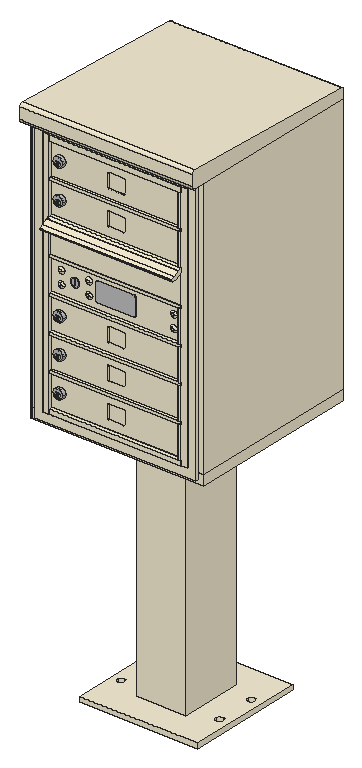
Revit family "Mailboxes_4C-Salsbury_Industries-Pedestal_Mounted-7_Door_High_Units", category Specialty Equipment, Revit 2016 (continued)
Definition of nested family "Mailboxes_4C-Salsbury_Industries-Front_Load-7_Door_High_Units"
  Definition of nested family "3700 Series 4C Door Configurations"
    Forms (in)
      Extrusion 3, solid, material <- "Front Panel Material", visible <- "Door Divider"
        sketch origin (0, 0, 10.50047) x (-1, 0, 0) y (0, -1, 0)
          loop
            line (6.6875, -0.12695) -> (6.6875, 0.46995) -> (-6.6875, 0.46995) -> (-6.6875, -0.12695) -> (6.6875, -0.12695)
        from -0.27 to 0
      Extrusion 4, void, detail levels fine
        sketch origin (0, -0.42383, 0) x (1, 0, 0) y (0, 0, 1)
          loop
            circle (-5.8125, 4.99523) r 0.285
        from 0 to -0.01562
      Extrusion 5, void, detail levels fine
        sketch origin (0, -0.42383, 0) x (1, 0, 0) y (0, 0, 1)
          loop
            line (-5.84183, 5.12353) -> (-5.84183, 4.82353) -> (-5.78183, 4.82353) -> (-5.78183, 5.12353) -> (-5.84183, 5.12353)
        from 0 to -0.03906
      Extrusion 6, void, detail levels fine
        sketch origin (0, -0.12695, 0) x (0, 0, 1) y (-1, 0, 0)
          loop
            arc (5.86523, 0.8475) -> (5.82862, 0.93589) -> (5.74023, 0.9725) r 0.125
            line (5.74023, 0.9725) -> (4.49023, 0.9725)
            arc (4.49023, 0.9725) -> (4.40185, 0.93589) -> (4.36523, 0.8475) r 0.125
            line (4.36523, 0.8475) -> (4.36523, -0.6525)
            arc (4.36523, -0.6525) -> (4.40185, -0.74089) -> (4.49023, -0.7775) r 0.125
            line (4.49023, -0.7775) -> (5.74023, -0.7775)
            arc (5.74023, -0.7775) -> (5.82862, -0.74089) -> (5.86523, -0.6525) r 0.125
            line (5.86523, -0.6525) -> (5.86523, 0.8475)
        from 0 to -0.03906
    Cuts and joins
      Extrusion 4, Extrusion 5 cuts Blend 2
      Extrusion 6 cuts Extrusion 1
    Lines and regions (in)
      symbolic lines
        curve 1: circle (-5.8125, 0, 5.11523) r 0.53054 normal (0, -1, 0)
    Dimensions and locks (in)
      equal spacing: plane 6 "Back Face of Door", plane 1 "Center (Front/Back)", plane 7 "Front Face of Door"
      "Door Depth": plane 6 "Back Face of Door" to plane 7 "Front Face of Door"
      equal spacing: plane 4 "Left Side Face of Door", plane 3 "Center (Left/Right)", plane 5 "Right Side Face of Door"  (x2)
      "Door Width": plane 4 "Left Side Face of Door" to plane 5 "Right Side Face of Door"
      locked: plane 7 "Front Face of Door" to plane 10 "Face of Divider" at 0.343
      "Center Lock-Vertical": plane 4 "Left Side Face of Door" to plane 11 "Center Lock Vertical"
      "Inset Offset": plane 16 "Inset Offset" to plane 7 "Front Face of Door"
      plane 4 "Left Side Face of Door" to plane 5 "Right Side Face of Door" = 13.375"
      plane 6 "Back Face of Door" to plane 10 "Face of Divider" = 0.59691"
      "Door Height": plane 8 to plane 2 "Bottom of Door"
      equal spacing: plane 8, plane 9, plane 2 "Bottom of Door"
      locked: plane 14 "Divider Height Align" to plane 8 at 0.27
      plane 17 to plane 9 to plane 18 = 0.37515" locked, 0.37452" locked
      aligned and locked: level to plane 2 "Bottom of Door"
      aligned and locked: plane 4 "Left Side Face of Door" to Extrusion 1
      aligned and locked: plane 6 "Back Face of Door" to Extrusion 1
      aligned and locked: plane 7 "Front Face of Door" to Extrusion 1
      aligned and locked: plane 8 to Extrusion 1
      aligned and locked: Extrusion 3 sketch curve to plane 4 "Left Side Face of Door"
      aligned and locked: Extrusion 3 sketch curve to plane 6 "Back Face of Door"
      aligned and locked: plane 5 "Right Side Face of Door" to Extrusion 3 sketch curve
      aligned and locked: Extrusion 3 to plane 8
      aligned and locked: plane 10 "Face of Divider" to Extrusion 3 sketch curve
      aligned and locked: plane 14 "Divider Height Align" to Extrusion 3
      aligned and locked: cut or joined group of Extrusion 1, Extrusion 6 to plane 2 "Bottom of Door"
      aligned and locked: plane 18 to text3d elem
    Automatic sketch dimensions
      Extrusion 1 sketch curve to plane 4 "Left Side Face of Door" = 0.000"
      Extrusion 1 sketch curve to plane 6 "Back Face of Door" = 0.000"
      Extrusion 1 sketch curve to plane 7 "Front Face of Door" = 0.000"
      Extrusion 1 sketch curve to plane 5 "Right Side Face of Door" = 0.000"
      Extrusion 1 sketch curve to plane 4 "Left Side Face of Door" = 0.252"
      plane 5 "Right Side Face of Door" to Extrusion 1 sketch curve = 0.63125"
      Extrusion 1 sketch curve to plane 7 "Front Face of Door" = 0.10935"
      plane 5 "Right Side Face of Door" to Extrusion 1 sketch curve = 0.195"
      Extrusion 1 sketch curve to plane 7 "Front Face of Door" = 0.14468"
      plane 10 "Face of Divider" to Extrusion 1 sketch curve = 0.12271"
      plane 1 "Center (Front/Back)" to Extrusion 1 sketch curve = 0.05445"
      plane 10 "Face of Divider" to Extrusion 1 sketch curve = 0.16676"
      Blend 2 sketch curve to plane 9 = 0.000"  (x2)
      plane 11 "Center Lock Vertical" to Blend 2 sketch curve = 0.000"  (x2)
      plane 11 "Center Lock Vertical" to Extrusion 4 sketch curve = 0.000"
      Extrusion 4 sketch curve to plane 9 = 0.120"
      Extrusion 4 sketch curve to Extrusion 4 sketch curve = 0.285"
      plane 11 "Center Lock Vertical" to Extrusion 5 sketch curve = 0.02933"
      Extrusion 5 sketch curve to plane 11 "Center Lock Vertical" = 0.03067"
      Extrusion 5 sketch curve to plane 9 = 0.2917"
      plane 9 to Extrusion 5 sketch curve = 0.0083"
      Extrusion 6 sketch curve to plane 9 = 0.750"
      Extrusion 6 sketch curve to Extrusion 6 sketch curve = 0.125"  (x3)
      plane 9 to Extrusion 6 sketch curve = 0.625"  (x2)
      plane 3 "Center (Left/Right)" to Extrusion 6 sketch curve = 0.7775"
      plane 15 "Inset Center" to Extrusion 6 sketch curve = 0.750"
      curve 1 to plane 9 = 0.000"
      plane 11 "Center Lock Vertical" to curve 1 = 0.000"
      radius of Blend 2 sketch curve = 0.525"
      radius of Blend 2 sketch curve = 0.485"
      radius of curve 1 = 0.53054"
  Definition of nested family "3700 Series 4C OM2 Configuration"
    Parameters (values of type "OM2-FL")
      Weight = ""
      URL = ""
      Access Lock Offset = 0.000"
      Access Lock = yes
      Model = "3700OM2-FL"
      Manufacturer = "Salsbury Industries"
      Lock Material = none
      Front Panel Material = none
      Door Width = 13.375"
      Door Number [instance] = "101"
      Door Height = 7.00047"
      Door Depth = 0.25391"
      Description = "OM2 Door for 3700 Series 4C Mailboxes-Front Loading"
      Cost = 0
      Center Lock-Vertical = 2.360"
      Center Lock-Horizontal = 1.61523"
    Types (3): name | Access Lock Offset | Access Lock | Model | Description
      (no name) | 0.000" | yes | "3700OM2-FL" | "OM2 Door for 3700 Series 4C Mailboxes-Front Loading"
      OM2-FL | 0.000" | yes | "3700OM2-FL" | "OM2 Door for 3700 Series 4C Mailboxes-Front Loading"
      OM2-RL | 0.3125" | no | "3700OM2-RL" | "OM2 Door for 3700 Series 4C Mailboxes-Rear Loading"
    Reference planes (in)
      plane 1 "Center (Front/Back)": y = 0
      plane 2 "Bottom of Door": z = 0
      plane 3 "Center (Left/Right)": x = 0
      plane 4 "Left Side Face of Door": x = -6.6875
      plane 5 "Right Side Face of Door": x = 6.6875
      plane 6 "Back Face of Door": y = 0.12695
      plane 7 "Front Face of Door": y = -0.12695
      plane 8: z = 3.23047
      plane 9: z = 1.61523
      plane 10: y = -0.46995
      plane 11 "Center Lock Vertical": x = -4.3275
      plane 12 "Center Lock Horizontal": z = 1.61523
      plane 13 "Face of Lock": y = -0.42383
      plane 14 "Divider Height Align": z = 3.50047
      plane 15 "Plate Center": x = -0.16063
      plane 16 "Left Stud Align": x = -5.7025
      plane 17 "Right Stud Align": x = -2.8895
      plane 18 "Top Stud Align": z = 2.27147
      plane 19 "Bottom Stud Align": z = 0.95947
      plane 20 "Hinge Stud Align": x = 5.6875
      plane 21 "Mail Plate Top": z = 2.61547
      plane 22 "Mail Plate Bottom": z = 0.61547
      plane 23: x = -2.1595
      plane 24: x = 1.8405
      plane 25 "Face of Mail Plate": y = -0.16602
      plane 26 "Top of Mail Drop Door": z = 6.73094
      plane 27 "Top of Mail Drop Divider": z = 7.00047
      plane 28 "Face of Mail Drop": y = -0.31995
      plane 29 "Top of Mail Slot": z = 6.42087
      plane 30 "Bottom of Mail Slot": z = 5.67087
      plane 31 "Left Edge of Mail Slot": x = -5.3755
      plane 32 "Right Edge of Mail Slot": x = 5.3755
      plane 33 "Mail Slot Bottom Protusion": z = 6.50987
      plane 34: y = -0.49395
      plane 35: z = 6.15637
      plane 36 "Front of Awning": y = -1.63495
      plane 37: y = -1.15685
      plane 38 "Mail Slot Slope": through (-240, -0.44582, 6.9722) normal (0, -0.5, 0.866)
      plane 39 "Access Lock Offset": y = 0.12695
    Forms (in)
      Extrusion 1, solid, material <- "Front Panel Material"
        sketch origin (0, 0, 0) x (1, 0, 0) y (0, 1, 0)
          loop
            line (-6.4355, 0.12695) -> (-6.6875, -0.05445) -> (-6.6875, -0.12695) -> (6.05625, -0.12695)
            arc (6.05625, -0.12695) -> (6.19558, -0.17661) -> (6.27209, -0.3032) r 0.22029
            arc (6.27209, -0.3032) -> (6.3553, -0.42132) -> (6.4925, -0.46664) r 0.23034
            arc (6.4925, -0.46664) -> (6.63039, -0.40952) -> (6.6875, -0.27164) r 0.195
            line (6.6875, -0.27164) -> (6.6875, 0.12695) -> (-6.4355, 0.12695)
        from 0 to 3.23047
      Extrusion 2, solid, material <- "Front Panel Material"
        sketch origin (0, 0, 3.50047) x (-1, 0, 0) y (0, -1, 0)
          loop
            line (6.6875, -0.12695) -> (6.6875, 0.46995) -> (-6.6875, 0.46995) -> (-6.6875, -0.12695) -> (6.6875, -0.12695)
        from -0.27 to 0
      Extrusion 3, void
        sketch origin (0, 0.12695, 0) x (0, 0, -1) y (-1, 0, 0)
          loop
            circle (-1.61523, 4.3275) r 0.4375
        from 0 to -0.25391
      Extrusion 4, solid, material <- "Lock Material", visible <- "Access Lock"
        sketch origin (0, 0.12695, 0) x (0, 0, -1) y (-1, 0, 0)
          loop
            circle (-1.61523, 4.3275) r 0.42913
        from 0 to -0.25391
      Extrusion 5, void, detail levels fine
        sketch origin (0, 0.12695, 3.4) x (-1, 0, 0) y (0, 0, 1)
          loop
            line (4.3568, -1.47517) -> (4.2982, -1.47517) -> (4.2982, -2.09436) -> (4.3568, -2.09436) -> (4.3568, -1.47517)
        from -0.12695 to -0.25391
      Blend 6, solid, material <- "Front Panel Material", detail levels medium+fine
        base sketch origin (0, -0.12695, 2.68123) x (-1, 0, 0) y (0, 0, 1)
          loop
            circle (5.7025, -0.40977) r 0.15665
        top sketch origin (0, -0.12695, 2.68123) x (-1, 0, 0) y (0, 0, 1)
          loop
            circle (5.7025, -0.40977) r 0.3125
        from -0.11328 to 0
      Blend 7, solid, material <- "Front Panel Material", detail levels medium+fine
        base sketch origin (1.3125, -0.12695, 2.68123) x (-1, 0, 0) y (0, 0, 1)
          loop
            circle (4.202, -0.40977) r 0.15665
        top sketch origin (1.3125, -0.12695, 2.68123) x (-1, 0, 0) y (0, 0, 1)
          loop
            circle (4.202, -0.40977) r 0.3125
        from -0.11328 to 0
      Blend 8, solid, material <- "Front Panel Material", detail levels medium+fine
        base sketch origin (0, -0.12695, 1.36923) x (-1, 0, 0) y (0, 0, 1)
          loop
            circle (5.7025, -0.40977) r 0.15665
        top sketch origin (0, -0.12695, 1.36923) x (-1, 0, 0) y (0, 0, 1)
          loop
            circle (5.7025, -0.40977) r 0.3125
        from -0.11328 to 0
      Blend 9, solid, material <- "Front Panel Material", detail levels medium+fine
        base sketch origin (1.3125, -0.12695, 1.36923) x (-1, 0, 0) y (0, 0, 1)
          loop
            circle (4.202, -0.40977) r 0.15665
        top sketch origin (1.3125, -0.12695, 1.36923) x (-1, 0, 0) y (0, 0, 1)
          loop
            circle (4.202, -0.40977) r 0.3125
        from -0.11328 to 0
      Blend 10, solid, material <- "Front Panel Material", detail levels medium+fine
        base sketch origin (9.8895, -0.12695, 2.68123) x (-1, 0, 0) y (0, 0, 1)
          loop
            circle (4.202, -0.40977) r 0.15665
        top sketch origin (9.8895, -0.12695, 2.68123) x (-1, 0, 0) y (0, 0, 1)
          loop
            circle (4.202, -0.40977) r 0.3125
        from -0.11328 to 0
      Blend 11, solid, material <- "Front Panel Material", detail levels medium+fine
        base sketch origin (9.8895, -0.12695, 1.36923) x (-1, 0, 0) y (0, 0, 1)
          loop
            circle (4.202, -0.40977) r 0.15665
        top sketch origin (9.8895, -0.12695, 1.36923) x (-1, 0, 0) y (0, 0, 1)
          loop
            circle (4.202, -0.40977) r 0.3125
        from -0.11328 to 0
      Extrusion 12, solid, material <- "Lock Material"
        sketch origin (0, -0.12695, 0) x (-1, 0, 0) y (0, 0, 1)
          loop
            line (1.96028, 2.61547) -> (-1.64128, 2.61547)
            arc (-1.64128, 2.61547) -> (-1.78215, 2.55712) -> (-1.8405, 2.41625) r 0.19922
            line (-1.8405, 2.41625) -> (-1.8405, 0.81469)
            arc (-1.8405, 0.81469) -> (-1.78215, 0.67382) -> (-1.64128, 0.61547) r 0.19922
            line (-1.64128, 0.61547) -> (1.96028, 0.61547)
            arc (1.96028, 0.61547) -> (2.10115, 0.67382) -> (2.1595, 0.81469) r 0.19922
            line (2.1595, 0.81469) -> (2.1595, 2.41625)
            arc (2.1595, 2.41625) -> (2.10115, 2.55712) -> (1.96028, 2.61547) r 0.19922
        from 0 to -0.03906
      Extrusion 13, solid, material <- "Front Panel Material"
        sketch origin (-2.13946, 0, 3.50047) x (-1, 0, 0) y (0, -1, 0)
          loop
            line (4.54804, -0.12695) -> (4.54804, 0.31995) -> (-8.82696, 0.31995) -> (-8.82696, -0.12695) -> (4.54804, -0.12695)
        from 0 to 3.0094
      Extrusion 14, void
        sketch origin (0, -0.31995, 0) x (0, 0, -1) y (-1, 0, 0)
          loop
            arc (-5.67087, 5.0005) -> (-6.04587, 5.3755) -> (-6.42087, 5.0005) r 0.375
            line (-6.42087, 5.0005) -> (-6.42087, -5.0005)
            arc (-6.42087, -5.0005) -> (-6.04587, -5.3755) -> (-5.67087, -5.0005) r 0.375
            line (-5.67087, -5.0005) -> (-5.67087, 5.0005)
        from 0 to 0.44691
      Extrusion 15, solid, material <- "Front Panel Material"
        sketch origin (0, 0, 0) x (0, 1, 0) y (0, 0, 1)
          loop
            line (0.12695, 6.50987) -> (0.12695, 7.00047) -> (-0.46995, 7.00047) -> (-0.75605, 6.83078) -> (-0.73973, 6.80251) -> (-1.27431, 6.49388) -> (-1.29063, 6.52214) -> (-1.61027, 6.3376)
            arc (-1.61027, 6.3376) -> (-1.63087, 6.31111) -> (-1.62714, 6.27777) r 0.04454
            line (-1.62714, 6.27777) -> (-1.5282, 6.17883)
            arc (-1.5282, 6.17883) -> (-1.4937, 6.16211) -> (-1.4558, 6.15637) r 0.12791
            line (-1.4558, 6.15637) -> (-1.10623, 6.15637) -> (-0.49395, 6.50987) -> (0.12695, 6.50987)
        from -6.6875 to 6.6875
    Cuts and joins
      Extrusion 3 cuts Extrusion 1
      Extrusion 5 cuts Extrusion 4
      Extrusion 14 cuts Extrusion 13
    Lines and regions (in)
      symbolic lines
        curve 1: circle (-5.7025, -0.12695, 2.27147) r 0.3125 normal (0, 1, 0)
        curve 2: circle (-5.7025, -0.12695, 0.95947) r 0.3125 normal (0, 1, 0)
        curve 3: circle (-2.8895, -0.12695, 0.95947) r 0.3125 normal (0, 1, 0)
        curve 4: circle (-2.8895, -0.12695, 2.27147) r 0.3125 normal (0, 1, 0)
        curve 5: circle (-4.3275, -0.12695, 1.61523) r 0.42913 normal (0, 1, 0)
        curve 6: circle (5.6875, -0.12695, 0.95947) r 0.3125 normal (0, 1, 0)
        curve 7: circle (5.6875, -0.12695, 2.27147) r 0.3125 normal (0, 1, 0)
        curve 8: arc (-2.1595, -0.12695, 2.41625) -> (-2.10115, -0.12695, 2.55712) -> (-1.96028, -0.12695, 2.61547) r 0.19922
        curve 9: arc (1.8405, -0.12695, 2.41625) -> (1.78215, -0.12695, 2.55712) -> (1.64128, -0.12695, 2.61547) r 0.19922
        curve 10: arc (1.8405, -0.12695, 0.81469) -> (1.78215, -0.12695, 0.67382) -> (1.64128, -0.12695, 0.61547) r 0.19922
        curve 11: arc (-1.96028, -0.12695, 0.61547) -> (-2.10115, -0.12695, 0.67382) -> (-2.1595, -0.12695, 0.81469) r 0.19922
        curve 12: line (-2.1595, -0.12695, 0.81469) -> (-2.1595, -0.12695, 2.41625)
        curve 13: line (-1.96028, -0.12695, 2.61547) -> (1.64128, -0.12695, 2.61547)
        curve 14: line (1.8405, -0.12695, 2.41625) -> (1.8405, -0.12695, 0.81469)
        curve 15: line (1.64128, -0.12695, 0.61547) -> (-1.96028, -0.12695, 0.61547)
    Dimensions and locks (in)
      equal spacing: plane 6 "Back Face of Door", plane 1 "Center (Front/Back)", plane 7 "Front Face of Door"
      "Door Depth": plane 6 "Back Face of Door" to plane 7 "Front Face of Door"
      equal spacing: plane 4 "Left Side Face of Door", plane 3 "Center (Left/Right)", plane 5 "Right Side Face of Door"
      "Door Width": plane 4 "Left Side Face of Door" to plane 5 "Right Side Face of Door"
      plane 8 to level = 3.23047"
      equal spacing: plane 8, plane 9, level
      locked: plane 7 "Front Face of Door" to plane 10 at 0.343
      "Center Lock-Vertical": plane 4 "Left Side Face of Door" to plane 11 "Center Lock Vertical"
      "Center Lock-Horizontal": plane 8 to plane 12 "Center Lock Horizontal"
      locked: plane 14 "Divider Height Align" to plane 8 at 0.27
      plane 4 "Left Side Face of Door" to plane 16 "Left Stud Align" to plane 17 "Right Stud Align" = 0.985", 2.813"
      plane 8 to plane 18 "Top Stud Align" to plane 19 "Bottom Stud Align" = 0.959", 1.312"
      plane 20 "Hinge Stud Align" to plane 5 "Right Side Face of Door" = 1.000"
      plane 8 to plane 21 "Mail Plate Top" to plane 22 "Mail Plate Bottom" = 0.615", 2.000"
      plane 4 "Left Side Face of Door" to plane 23 to plane 24 = 4.528", 4.000"
      plane 27 "Top of Mail Drop Divider" to plane 26 "Top of Mail Drop Door" to plane 14 "Divider Height Align" = 0.26953" locked, 3.23047"
      "Door Height": plane 27 "Top of Mail Drop Divider" to level
      plane 28 "Face of Mail Drop" to plane 10 = 0.150"
      locked: plane 27 "Top of Mail Drop Divider" to plane 29 "Top of Mail Slot" at 0.5796
      locked: plane 29 "Top of Mail Slot" to plane 30 "Bottom of Mail Slot" at 0.75
      locked: plane 4 "Left Side Face of Door" to plane 31 "Left Edge of Mail Slot" at 1.312
      locked: plane 32 "Right Edge of Mail Slot" to plane 5 "Right Side Face of Door" at 1.312
      locked: plane 33 "Mail Slot Bottom Protusion" to plane 29 "Top of Mail Slot" at 0.089
      plane 28 "Face of Mail Drop" to plane 34 = 0.174"
      plane 33 "Mail Slot Bottom Protusion" to plane 35 = 0.3535"
      plane 28 "Face of Mail Drop" to plane 36 "Front of Awning" = 1.315"
      plane 4 "Left Side Face of Door" to plane 5 "Right Side Face of Door" = 13.375"
      plane 6 "Back Face of Door" to plane 36 "Front of Awning" = 1.76191"
      "Access Lock Offset": plane 39 "Access Lock Offset" to plane 6 "Back Face of Door"
      aligned and locked: level to plane 2 "Bottom of Door"
      aligned and locked: plane 4 "Left Side Face of Door" to Extrusion 1
      aligned and locked: plane 6 "Back Face of Door" to Extrusion 1
      aligned and locked: plane 7 "Front Face of Door" to Extrusion 1
      aligned and locked: Extrusion 1 to level
      aligned and locked: plane 8 to Extrusion 1
      aligned and locked: Extrusion 2 sketch curve to plane 4 "Left Side Face of Door"
      aligned and locked: Extrusion 2 sketch curve to plane 6 "Back Face of Door"
      aligned and locked: plane 5 "Right Side Face of Door" to Extrusion 2 sketch curve
      aligned and locked: Extrusion 2 to plane 8
      aligned and locked: plane 10 to Extrusion 2 sketch curve
      aligned and locked: plane 14 "Divider Height Align" to Extrusion 2
      aligned and locked: plane 4 "Left Side Face of Door" to Extrusion 2
      aligned and locked: Extrusion 2 to plane 5 "Right Side Face of Door"
      aligned and locked: Extrusion 13 to plane 28 "Face of Mail Drop"
      aligned and locked: plane 29 "Top of Mail Slot" to Extrusion 14 sketch curve
      aligned and locked: cut or joined group of Extrusion 13, Extrusion 14 to cut or joined group of Extrusion 13, Extrusion 14
      aligned and locked: cut or joined group of Extrusion 1, Extrusion 3 to plane 2 "Bottom of Door"
    Automatic sketch dimensions
      Extrusion 1 sketch curve to plane 4 "Left Side Face of Door" = 0.000"
      Extrusion 1 sketch curve to plane 6 "Back Face of Door" = 0.000"
      Extrusion 1 sketch curve to plane 7 "Front Face of Door" = 0.000"
      Extrusion 1 sketch curve to plane 5 "Right Side Face of Door" = 0.000"
      Extrusion 1 sketch curve to plane 4 "Left Side Face of Door" = 0.252"
      Extrusion 1 sketch curve to plane 20 "Hinge Stud Align" = 0.36875"
      Extrusion 1 sketch curve to plane 25 "Face of Mail Plate" = 0.07029"
      plane 5 "Right Side Face of Door" to Extrusion 1 sketch curve = 0.195"
      Extrusion 1 sketch curve to plane 25 "Face of Mail Plate" = 0.10562"
      Extrusion 1 sketch curve to plane 13 "Face of Lock" = 0.07658"
      plane 1 "Center (Front/Back)" to Extrusion 1 sketch curve = 0.05445"
      Extrusion 1 sketch curve to plane 13 "Face of Lock" = 0.12063"
      Extrusion 5 sketch curve to plane 11 "Center Lock Vertical" = 0.0293"
      plane 11 "Center Lock Vertical" to Extrusion 5 sketch curve = 0.0293"
      Extrusion 5 sketch curve to plane 9 = 0.30959"
      plane 9 to Extrusion 5 sketch curve = 0.30959"
      plane 16 "Left Stud Align" to Blend 6 sketch curve = 0.000"  (x2)
      Blend 6 sketch curve to plane 18 "Top Stud Align" = 0.000"  (x2)
      plane 17 "Right Stud Align" to Blend 7 sketch curve = 0.000"  (x2)
      Blend 7 sketch curve to plane 18 "Top Stud Align" = 0.000"  (x2)
      plane 16 "Left Stud Align" to Blend 8 sketch curve = 0.000"  (x2)
      Blend 8 sketch curve to plane 19 "Bottom Stud Align" = 0.000"  (x2)
      plane 17 "Right Stud Align" to Blend 9 sketch curve = 0.000"  (x2)
      Blend 9 sketch curve to plane 19 "Bottom Stud Align" = 0.000"  (x2)
      Blend 10 sketch curve to plane 18 "Top Stud Align" = 0.000"  (x2)
      plane 20 "Hinge Stud Align" to Blend 10 sketch curve = 0.000"  (x2)
      Blend 11 sketch curve to plane 19 "Bottom Stud Align" = 0.000"  (x2)
      plane 20 "Hinge Stud Align" to Blend 11 sketch curve = 0.000"  (x2)
      plane 24 to Extrusion 12 sketch curve = 0.000"
      Extrusion 12 sketch curve to plane 22 "Mail Plate Bottom" = 0.000"
      Extrusion 12 sketch curve to plane 21 "Mail Plate Top" = 0.000"
      plane 23 to Extrusion 12 sketch curve = 0.000"
      plane 24 to Extrusion 12 sketch curve = 0.19922"  (x2)
      plane 18 "Top Stud Align" to Extrusion 12 sketch curve = 0.14478"
      Extrusion 12 sketch curve to plane 23 = 0.19922"
      Extrusion 13 sketch curve to plane 5 "Right Side Face of Door" = 0.000"
      Extrusion 13 sketch curve to plane 4 "Left Side Face of Door" = 0.000"
      Extrusion 13 sketch curve to plane 6 "Back Face of Door" = 0.000"
      Extrusion 13 sketch curve to plane 7 "Front Face of Door" = 0.193"
      Extrusion 14 sketch curve to plane 30 "Bottom of Mail Slot" = 0.000"
      plane 32 "Right Edge of Mail Slot" to Extrusion 14 sketch curve = 0.375"
      Extrusion 14 sketch curve to plane 31 "Left Edge of Mail Slot" = 0.375"
      Extrusion 15 sketch curve to plane 35 = 0.000"
      Extrusion 15 sketch curve to plane 33 "Mail Slot Bottom Protusion" = 0.000"
      Extrusion 15 sketch curve to plane 34 = 0.000"
      Extrusion 15 sketch curve to plane 27 "Top of Mail Drop Divider" = 0.000"
      Extrusion 15 sketch curve to plane 6 "Back Face of Door" = 0.000"
      plane 26 "Top of Mail Drop Door" to Extrusion 15 sketch curve = 0.07158"
      Extrusion 15 sketch curve to plane 34 = 0.24578"
      plane 26 "Top of Mail Drop Door" to Extrusion 15 sketch curve = 0.09984"
      Extrusion 15 sketch curve to Extrusion 15 sketch curve = 0.01632"
      plane 37 to Extrusion 15 sketch curve = 0.05062"
      Extrusion 15 sketch curve to plane 33 "Mail Slot Bottom Protusion" = 0.01599"
      plane 33 "Mail Slot Bottom Protusion" to Extrusion 15 sketch curve = 0.01227"
      plane 36 "Front of Awning" to Extrusion 15 sketch curve = 0.17915"
      plane 35 to Extrusion 15 sketch curve = 0.02246"
      Extrusion 15 sketch curve to Extrusion 15 sketch curve = 0.0724"
      plane 36 "Front of Awning" to Extrusion 15 sketch curve = 0.04696"
      plane 36 "Front of Awning" to Extrusion 15 sketch curve = 0.02469"
      plane 36 "Front of Awning" to Extrusion 15 sketch curve = 0.00781"
      Extrusion 15 sketch curve to Extrusion 15 sketch curve = 0.05983"
      Extrusion 4 sketch curve to plane 9 = 0.000"
      plane 11 "Center Lock Vertical" to Extrusion 4 sketch curve = 0.000"
      Extrusion 3 sketch curve to plane 9 = 0.000"
      plane 11 "Center Lock Vertical" to Extrusion 3 sketch curve = 0.000"
      curve 6 to plane 19 "Bottom Stud Align" = 0.000"
      plane 20 "Hinge Stud Align" to curve 6 = 0.000"
      curve 7 to plane 18 "Top Stud Align" = 0.000"
      plane 20 "Hinge Stud Align" to curve 7 = 0.000"
      plane 24 to curve 14 = 0.000"
      curve 9 to plane 21 "Mail Plate Top" = 0.000"
      curve 11 to plane 22 "Mail Plate Bottom" = 0.000"
      plane 23 to curve 12 = 0.000"
      plane 17 "Right Stud Align" to curve 4 = 0.000"
      plane 17 "Right Stud Align" to curve 3 = 0.000"
      curve 5 to plane 9 = 0.000"
      plane 11 "Center Lock Vertical" to curve 5 = 0.000"
      plane 16 "Left Stud Align" to curve 1 = 0.000"
      plane 16 "Left Stud Align" to curve 2 = 0.000"
      curve 2 to plane 19 "Bottom Stud Align" = 0.000"
      curve 3 to plane 19 "Bottom Stud Align" = 0.000"
      curve 1 to plane 18 "Top Stud Align" = 0.000"
      curve 4 to plane 18 "Top Stud Align" = 0.000"
      plane 18 "Top Stud Align" to curve 9 = 0.14478"
      curve 10 to plane 19 "Bottom Stud Align" = 0.14478"
      plane 18 "Top Stud Align" to curve 8 = 0.14478"
      curve 11 to plane 19 "Bottom Stud Align" = 0.14478"
      radius of Blend 6 sketch curve = 0.15665"
      radius of Blend 6 sketch curve = 0.3125"
      radius of Blend 7 sketch curve = 0.15665"
      radius of Blend 7 sketch curve = 0.3125"
      radius of Blend 8 sketch curve = 0.15665"
      radius of Blend 8 sketch curve = 0.3125"
      radius of Blend 9 sketch curve = 0.15665"
      radius of Blend 9 sketch curve = 0.3125"
      radius of Blend 10 sketch curve = 0.15665"
      radius of Blend 10 sketch curve = 0.3125"
      radius of Blend 11 sketch curve = 0.15665"
      radius of Blend 11 sketch curve = 0.3125"
      radius of Extrusion 4 sketch curve = 0.42913"
      radius of Extrusion 3 sketch curve = 0.4375"
      radius of curve 1 = 0.3125"
      radius of curve 2 = 0.3125"
      radius of curve 3 = 0.3125"
      radius of curve 4 = 0.3125"
      radius of curve 5 = 0.42913"
      radius of curve 6 = 0.3125"
      radius of curve 7 = 0.3125"
Types (6): name | Width | Model | Door Slot R7 Number | Door Slot R6 Number | Door Slot R5 Number | Door Slot R2 Number | Door Slot R1 Number | Door Slot L7 Number | Door Slot L6 Number | Door Slot L5 Number | Door Slot L4 Number | Door Slot L3 Number | Door Slot L2 Number | Door Slot L1 Number | Description | 4C Unit
  3407S-05 | 17.496" | "3407S-05" | "5" | "4" | "3" | "2" | "1" | "0" | "0" | "0" | "0" | "0" | "0" | "0" | "7 Door High Unit:  5 MB1, OM2" | Mailboxes_4C-Salsbury_Industries-Front_Load-7_Door_High_Units : 3707S-05 FL
  3407D-12 | 32.250" | "3407D-12" | "12" | "11" | "10" | "9" | "8" | "7" | "6" | "5" | "4" | "3" | "2" | "1" | "7 Door High Unit:  12 MB1, OM2" | Mailboxes_4C-Salsbury_Industries-Front_Load-7_Door_High_Units : 3707D-12 FL
  3407D-06 | 32.250" | "3407D-06" | "6" | "5" | "4" | "3" | "2" | "1P" | "0" | "0" | "0" | "0" | "0" | "1" | "7 Door High Unit:  6 MB1, 1 PL6, OM2" | Mailboxes_4C-Salsbury_Industries-Front_Load-7_Door_High_Units : 3707D-06 FL
  3407D-05 | 32.250" | "3407D-05" | "5" | "0" | "0" | "4" | "0" | "3" | "0" | "0" | "2" | "0" | "1" | "0" | "7 Door High Unit:  3 MB2, 2 MB3, OM2" | Mailboxes_4C-Salsbury_Industries-Front_Load-7_Door_High_Units : 3707D-05 FL
  3407D-03 | 32.250" | "3407D-03" | "3" | "0" | "0" | "2" | "0" | "1P" | "0" | "0" | "0" | "0" | "1" | "0" | "7 Door High Unit:  2 MB2, 1 MB3, 1 PL5, OM2" | Mailboxes_4C-Salsbury_Industries-Front_Load-7_Door_High_Units : 3707D-03 FL
  3407S-1P | 17.496" | "3407S-1P" | "1P" | "0" | "0" | "0" | "1" | "0" | "0" | "0" | "0" | "0" | "0" | "0" | "7 Door High Unit:  1 PL5, OM2" | Mailboxes_4C-Salsbury_Industries-Front_Load-7_Door_High_Units : 3707S-1P FL
